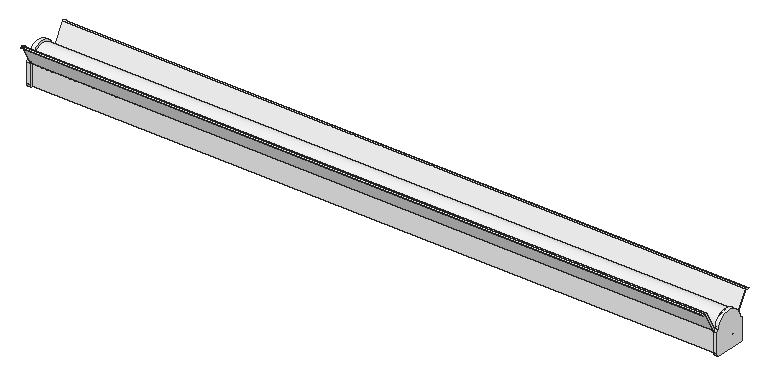
Revit family "0045215+0045235 Feilo Sylvania Lighting Fixture SYLBATTEN LED8 6000K DALI TP6 E3 with SYMMETRIC REFLECTOR ACCESSORY 1500MM", category Lighting Fixtures, host Face, Revit 2017
Family settings
  Host = Face
  Round Connector Dimension = Use Diameter
  Part Type = Normal
  OmniClass Number = 23.80.70.00
  OmniClass Title = Lighting
  Cut with Voids When Loaded = No
  Light Source = Yes
  Shared = No
  Room Calculation Point = No
Parameters (values of type "0045215 SYLBATTEN LED8 6000K DALI TP6 E3")
  Width_FEILO = 66 mm
  Weight = "3.852 kg"
  Wattage Comments = "n/a"
  Wattage = 82 W
  WarrantyStartDate [instance] = "n/a"
  WarrantyGuarantorParts = "n/a"
  WarrantyDurationUnit = "n/a"
  WarrantyDurationParts = "n/a"
  WarrantyDescription = "n/a"
  built-in parameter 1150110 = 1 (stored number, unit not read)
  Voltage = 230 V
  URL = "http://www.sylvania-lighting.com"
  TypeName = "SYLBATTEN LED8 6000K DALI TP6 E3"
  Type Image = <None>
  Type Comments = "n/a"
  built-in parameter 1114217 = 1 (stored number, unit not read)
  Tilt Angle = -90.00°
  built-in parameter 1150109 = 1 (stored number, unit not read)
  built-in parameter 1150134 = 5
  SymReflector_FEILO = yes
  built-in parameter 1150113 = 1 (stored number, unit not read)
  SerialNumber [instance] = "n/a"
  PowerFactor = 0
  PowerConsumption = "82 W"
  Photometric Web File = "0045215+0045235.ies"
  NominalLength = 1505 mm
  NominalHeight = 76 mm
  NominalDepth = 66 mm
  Name = "SYLBATTEN LED8 6000K DALI TP6 E3"
  ModelReference = Name  # "SYLBATTEN LED8 6000K DALI TP6 E3"
  ModelNumber = "0045215"
  Model = Name  # "SYLBATTEN LED8 6000K DALI TP6 E3"
  Material_4_FEILO = Reflector-Sylvania-Sylbatten-White
  Material_3_FEILO = Diffuser-Sylvania-Sylbatten-Glow
  Material_2_FEILO = Body-Sylvania-Sylbatten-White
  Material_1_FEILO = Body-Sylvania-Sylbatten-White
  Material = "sheet steel housing, polycarbonate diffuser"
  ManufacturerName = "Feilo Sylvania"
  Manufacturer = "Feilo Sylvania"
  LuminousEfficacy = "106.3 lm/W"
  built-in parameter 1150105 = 694.23 (stored number, unit not read)
  Lumens = 8723.98 lm
  LuminaireType = ""
  built-in parameter 1150115 = 1 (stored number, unit not read)
  LightOutputRatio = "100"
  built-in parameter 1150137 = (empty or 0)
  built-in parameter 1150139 = (empty or 0)
  Length_FEILO = 1505 mm
  LampsType = Lamp  # "LED"
  LampNominalLuminous = "8724 lm"
  LampMacAdamStep = "n/a"
  LampColourTemperature = "6000 K"
  LampColourRenderingIndex = "80"
  built-in parameter 1150112 = 1 (stored number, unit not read)
  built-in parameter 1150114 = 1 (stored number, unit not read)
  Lamp = "LED"
  Keynote = "16500"
  InstallationDate [instance] = "n/a"
  InputVoltage = "220-240V~"
  InputNominalFrequency = "n/a"
  built-in parameter 1150132 = (empty or 0)
  built-in parameter 1150102 = (empty or 0)
  built-in parameter 1150107 = 6000 (stored number, unit not read)
  built-in parameter 1150138 = (empty or 0)
  IngressProtection = "IP20"
  ImpactProtectionIndex = "IK07"
  built-in parameter 1150106 = 6.9423 (stored number, unit not read)
  IfcExportType = "IfcLightFixtureType"
  IfcExportAs = "IfcLightFixtureType"
  Height_FEILO = 76 mm
  ExpectedLife = 50000
  Emit from Rectangle Width = Length_FEILO - 16 mm  # 1489 mm
  Emit from Rectangle Length = Width_FEILO - 40 mm  # 26 mm
  Emit Shape Visible in Rendering = no
  ElectricShockClassification = "Class I"
  built-in parameter 1150104 = 9.884 (stored number, unit not read)
  DurationUnit = "hours"
  DocumentationLiterature = "http://www.sylvania-lighting.com/product/en-int/products/0045215"
  DimmingControlOptions = "Dimmable"
  Dimming Lamp Color Temperature Shift = <None>
  Description = "LED batten, T8 replacement, ease of installation through 2 part push-in design of the housing (safety cable included), through wiring capability (TP6 = 6 core), sheet steel, 8724LM, 79W, 110lm/W, 6000K, drive current: 450mA, CRI 80, 138° wide beam angle, DALI dimmable, integral 3 hour maintained emergency, IP20, IK07, 50,000 hrs (L70), (LxWxH) 1505x66x76mm, 5 step MacAdam ellipse, 3.7kg, white RAL 9016, Class 1, 220-240V, energy class: A++, A+, A."
  Default Elevation = 1219.2 mm
  CreatedOn = "2/22/2018"
  CreatedBy = ""
  Cost = 0
  Color Filter = 16777215
  built-in parameter 1114216 [instance] = (empty or 0)
  ClassificationValue = "EF_70_80"
  ClassificationName = "Uniclass2015"
  CapOffset_FEILO = 2 mm
  BarCode [instance] = "n/a"
  built-in parameter 1114218 = 1 (stored number, unit not read)
  BackReflector_FEILO = and(not(AsymReflector_FEILO), SymReflector_FEILO)  # yes
  built-in parameter 1150133 = 10 (stored number, unit not read)
  FrontReflector_FEILO = or(AsymReflector_FEILO, SymReflector_FEILO)  # yes
  AsymReflector_FEILO = no
  AssetType = "Fixed"
  AssetIdentifier [instance] = "n/a"
  Assembly Code = "D5020200"
  Apparent Load = 82 VA
Reference planes
  plane 1 "Center (Front/Back)": y = 0
  plane 2: z = 0
  plane 3 "Center (Left/Right)": x = 0
  plane 4: x = 752.5
  plane 5: x = -752.5
  plane 6: y = 33
  plane 7: y = -33
  plane 8: z = 76
  plane 9: z = 47
  plane 10: y = -29
  plane 11: y = 29
  plane 12: z = 20
  plane 13: z = 74
  plane 14: y = -31
  plane 15: y = -27
  plane 16: y = 27
  plane 17: y = 31
  plane 18: z = 2
  plane 19: x = -744.5
  plane 20: x = 744.5
  plane 21: z = 49
  plane 22: y = 1
  plane 23: y = -1
  plane 24: z = 21
  plane 25: z = 19
  plane 26: y = -61
  plane 27: y = 61
  plane 28: y = -56
  plane 29: y = 56
  plane 30: z = 91
  plane 31: z = 88
Forms (mm)
  Extrusion 1, solid, material "Body-Sylvania-Sylbatten-White" <- "Material_2_FEILO"
    sketch origin (0, 0, 0) x (0, 1, 0) y (0, 0, 1)
      loop
        line (-31, 2) -> (31, 2) -> (31, 45)
        arc (31, 45) -> (30.414, 46.414) -> (29, 47) r 2
        line (29, 47) -> (27, 47)
        arc (27, 47) -> (0, 74) -> (-27, 47) r 27
        line (-27, 47) -> (-29, 47)
        arc (-29, 47) -> (-30.414, 46.414) -> (-31, 45) r 2
        line (-31, 45) -> (-31, 2)
    from -744.5 to 744.5
  Extrusion 2, solid, material "Body-Sylvania-Sylbatten-White" <- "Material_2_FEILO"
    sketch origin (752.5, 1524, 1219.2) x (0, 1, 0) y (0, 0, 1)
      loop
        arc (-1494, -1219.2) -> (-1491.879, -1218.321) -> (-1491, -1216.2) r 3
        line (-1491, -1216.2) -> (-1491, -1173.2)
        arc (-1491, -1173.2) -> (-1491.879, -1171.079) -> (-1494, -1170.2) r 3
        line (-1494, -1170.2) -> (-1495.069, -1170.2)
        arc (-1495.069, -1170.2) -> (-1524, -1143.2) -> (-1552.931, -1170.2) r 29
        line (-1552.931, -1170.2) -> (-1554, -1170.2)
        arc (-1554, -1170.2) -> (-1556.121, -1171.079) -> (-1557, -1173.2) r 3
        line (-1557, -1173.2) -> (-1557, -1216.2)
        arc (-1557, -1216.2) -> (-1556.121, -1218.321) -> (-1554, -1219.2) r 3
        line (-1554, -1219.2) -> (-1494, -1219.2)
      loop
        arc (-1525, -1189.25) -> (-1531.071, -1192.129) -> (-1533.95, -1198.2) r 10
        line (-1533.95, -1198.2) -> (-1532.944, -1198.2)
        arc (-1532.944, -1198.2) -> (-1530.364, -1192.836) -> (-1525, -1190.256) r 9
        line (-1525, -1190.256) -> (-1525, -1189.25)
      loop
        arc (-1523, -1190.256) -> (-1517.636, -1192.836) -> (-1515.056, -1198.2) r 9
        line (-1515.056, -1198.2) -> (-1514.05, -1198.2)
        arc (-1514.05, -1198.2) -> (-1516.929, -1192.129) -> (-1523, -1189.25) r 10
        line (-1523, -1189.25) -> (-1523, -1190.256)
      loop
        line (-1532.944, -1200.2) -> (-1533.95, -1200.2)
        arc (-1533.95, -1200.2) -> (-1531.071, -1206.271) -> (-1525, -1209.15) r 10
        line (-1525, -1209.15) -> (-1525, -1208.144)
        arc (-1525, -1208.144) -> (-1530.364, -1205.564) -> (-1532.944, -1200.2) r 9
      loop
        arc (-1515.056, -1200.2) -> (-1517.636, -1205.564) -> (-1523, -1208.144) r 9
        line (-1523, -1208.144) -> (-1523, -1209.15)
        arc (-1523, -1209.15) -> (-1516.929, -1206.271) -> (-1514.05, -1200.2) r 10
        line (-1514.05, -1200.2) -> (-1515.056, -1200.2)
    from 0 to -8
  Extrusion 3, solid, material "Body-Sylvania-Sylbatten-White" <- "Material_2_FEILO"
    sketch origin (-752.5, 1524, 1219.2) x (0, 1, 0) y (0, 0, 1)
      loop
        arc (-1495.069, -1170.2) -> (-1524, -1143.2) -> (-1552.931, -1170.2) r 29
        line (-1552.931, -1170.2) -> (-1554, -1170.2)
        arc (-1554, -1170.2) -> (-1556.121, -1171.079) -> (-1557, -1173.2) r 3
        line (-1557, -1173.2) -> (-1557, -1216.2)
        arc (-1557, -1216.2) -> (-1556.121, -1218.321) -> (-1554, -1219.2) r 3
        line (-1554, -1219.2) -> (-1494, -1219.2)
        arc (-1494, -1219.2) -> (-1491.879, -1218.321) -> (-1491, -1216.2) r 3
        line (-1491, -1216.2) -> (-1491, -1173.2)
        arc (-1491, -1173.2) -> (-1491.879, -1171.079) -> (-1494, -1170.2) r 3
        line (-1494, -1170.2) -> (-1495.069, -1170.2)
      loop
        line (-1533.95, -1198.2) -> (-1532.944, -1198.2)
        arc (-1532.944, -1198.2) -> (-1530.364, -1192.836) -> (-1525, -1190.256) r 9
        line (-1525, -1190.256) -> (-1525, -1189.25)
        arc (-1525, -1189.25) -> (-1531.071, -1192.129) -> (-1533.95, -1198.2) r 10
      loop
        line (-1523, -1189.25) -> (-1523, -1190.256)
        arc (-1523, -1190.256) -> (-1517.636, -1192.836) -> (-1515.056, -1198.2) r 9
        line (-1515.056, -1198.2) -> (-1514.05, -1198.2)
        arc (-1514.05, -1198.2) -> (-1516.929, -1192.129) -> (-1523, -1189.25) r 10
      loop
        line (-1514.05, -1200.2) -> (-1515.056, -1200.2)
        arc (-1515.056, -1200.2) -> (-1517.636, -1205.564) -> (-1523, -1208.144) r 9
        line (-1523, -1208.144) -> (-1523, -1209.15)
        arc (-1523, -1209.15) -> (-1516.929, -1206.271) -> (-1514.05, -1200.2) r 10
      loop
        line (-1525, -1209.15) -> (-1525, -1208.144)
        arc (-1525, -1208.144) -> (-1530.364, -1205.564) -> (-1532.944, -1200.2) r 9
        line (-1532.944, -1200.2) -> (-1533.95, -1200.2)
        arc (-1533.95, -1200.2) -> (-1531.071, -1206.271) -> (-1525, -1209.15) r 10
    from 0 to 8
  Extrusion 4, solid, material "Reflector-Sylvania-Sylbatten-White" <- "Material_4_FEILO", visible <- "FrontReflector_FEILO"
    sketch origin (0, 0, 0) x (0, 1, 0) y (0, 0, 1)
      loop
        line (-61.257, 88.429) -> (-60.743, 87.571) -> (-56.621, 90.044)
        arc (-56.621, 90.044) -> (-56.237, 90.099) -> (-55.929, 89.863) r 0.5
        line (-55.929, 89.863) -> (-31.435, 46.753) -> (-30.565, 47.247) -> (-55.312, 90.802)
        arc (-55.312, 90.802) -> (-55.928, 91.275) -> (-56.696, 91.165) r 1
        line (-56.696, 91.165) -> (-61.257, 88.429)
    from -744.5 to 744.5
  Extrusion 5, solid, material "Reflector-Sylvania-Sylbatten-White" <- "Material_4_FEILO", visible <- "BackReflector_FEILO"
    sketch origin (0, 0, 0) x (0, 1, 0) y (0, 0, 1)
      loop
        line (30.565, 47.247) -> (31.435, 46.753) -> (55.932, 89.868)
        arc (55.932, 89.868) -> (56.245, 90.112) -> (56.638, 90.062) r 0.518
        line (56.638, 90.062) -> (61.033, 87.565) -> (61.527, 88.435) -> (56.682, 91.188)
        arc (56.682, 91.188) -> (55.922, 91.282) -> (55.318, 90.812) r 1
        line (55.318, 90.812) -> (30.565, 47.247)
    from -744.5 to 744.5
Lines and regions (mm)
  reference lines
    curve 1: line (0, -61, 88) -> (0, -56, 91)
    curve 2: line (0, -56, 91) -> (0, -31, 47)
    curve 3: line (0, 31, 47) -> (0, 56, 91)
    curve 4: line (0, 56, 91) -> (0, 61.28, 88)
Dimensions and locks
  equal spacing: plane 5, plane 3 "Center (Left/Right)", plane 4
  equal spacing: plane 7, plane 1 "Center (Front/Back)", plane 6
  "Width_FEILO": plane 7 to plane 6
  "Length_FEILO": plane 5 to plane 4
  "Height_FEILO": plane 8 to plane 2
  locked: plane 9 to plane 8 at 29
  equal spacing: plane 10, plane 1 "Center (Front/Back)", plane 11
  locked: plane 7 to plane 10 at 4
  locked: plane 12 to plane 2 at 20
  "CapOffset_FEILO": plane 13 to plane 8
  "CapOffset_FEILO": plane 7 to plane 14
  "CapOffset_FEILO": plane 10 to plane 15
  "CapOffset_FEILO": plane 17 to plane 6
  "CapOffset_FEILO": plane 16 to plane 11
  "CapOffset_FEILO": plane 18 to plane 2
  locked: plane 14 to Extrusion 1 sketch curve at 2
  locked: Extrusion 1 sketch curve to plane 9 at 2  (x2)
  locked: plane 16 to Extrusion 1 sketch curve at 2
  equal spacing: plane 19, plane 3 "Center (Left/Right)", plane 20
  locked: plane 5 to plane 19 at 8
  "CapOffset_FEILO": plane 9 to plane 21
  locked: Extrusion 2 sketch curve to plane 2 at 47
  locked: Extrusion 1 sketch curve to plane 2 at 47
  locked: Extrusion 2 sketch curve to plane 2 at 3  (x2)
  locked: plane 7 to Extrusion 2 sketch curve at 3  (x2)
  locked: Extrusion 2 sketch curve to plane 6 at 3  (x2)
  locked: Extrusion 2 sketch curve to plane 21 at 3  (x2)
  equal spacing: plane 23, plane 1 "Center (Front/Back)", plane 22
  equal spacing: plane 25, plane 12, plane 24
  plane 30 to plane 31 to plane 2 = 3 mm locked, 88 mm locked
  plane 28 to plane 29 = 112 mm
  plane 26 to plane 27 = 122 mm
  aligned and locked: plane 2 to host face
  aligned and locked: level to host face
  aligned and locked: plane 18 to Extrusion 1 sketch curve
  aligned and locked: plane 14 to Extrusion 1 sketch curve
  aligned and locked: Extrusion 1 sketch curve to plane 9  (x2)
  aligned and locked: Extrusion 1 sketch curve to plane 17
  aligned and locked: plane 15 to Extrusion 1 sketch curve
  aligned and locked: plane 16 to Extrusion 1 sketch curve
  aligned and locked: plane 9 to Extrusion 1 sketch curve
  aligned and locked: plane 20 to Extrusion 1
  aligned and locked: level to Extrusion 2 sketch curve
  aligned and locked: Extrusion 2 sketch curve to plane 7
  aligned and locked: plane 21 to Extrusion 2 sketch curve
  aligned and locked: Extrusion 2 sketch curve to plane 21
  aligned and locked: plane 1 "Center (Front/Back)" to Extrusion 2 sketch curve  (x3)
  aligned and locked: Extrusion 2 to Extrusion 1
  aligned and locked: plane 4 to Extrusion 2
  aligned and locked: plane 12 to Extrusion 2 sketch curve  (x2)
  aligned and locked: Extrusion 2 sketch curve to plane 22
  aligned and locked: Extrusion 2 sketch curve to plane 23
  aligned and locked: Extrusion 2 sketch curve to plane 24
  aligned and locked: Extrusion 2 sketch curve to plane 25
  aligned and locked: plane 25 to Extrusion 2 sketch curve
  aligned and locked: plane 22 to Extrusion 2 sketch curve
  aligned and locked: plane 24 to Extrusion 2 sketch curve
  aligned and locked: plane 23 to Extrusion 2 sketch curve  (x2)
  aligned and locked: Extrusion 3 sketch curve to Extrusion 2  (x22)
  aligned and locked: Extrusion 3 to Extrusion 1
  aligned and locked: Extrusion 3 to plane 5
  aligned and locked: plane 19 to Extrusion 3
  aligned and locked: plane 31 to curve 1
  aligned and locked: plane 30 to curve 1
  aligned and locked: plane 14 to curve 2
  aligned and locked: plane 9 to curve 2
  aligned and locked: plane 17 to curve 3
  aligned and locked: plane 30 to curve 3
  aligned and locked: plane 31 to curve 4
  aligned and locked: Extrusion 4 sketch curve to curve 2
  aligned and locked: Extrusion 4 sketch curve to curve 1
  aligned and locked: Extrusion 4 to Extrusion 1
  aligned and locked: Extrusion 1 to Extrusion 4
  aligned and locked: imposter light to plane 1 "Center (Front/Back)"
  aligned and locked: imposter light to plane 3 "Center (Left/Right)"
  aligned and locked: imposter light to plane 13
  aligned and locked: Extrusion 5 sketch curve to curve 4
  aligned and locked: Extrusion 5 sketch curve to curve 3
  aligned and locked: Extrusion 1 to Extrusion 5
  aligned and locked: Extrusion 5 to Extrusion 1
Automatic sketch dimensions
  host sketch curve to host sketch curve = 2438.4 mm  (x2)
  Extrusion 2 sketch curve to Extrusion 2 sketch curve = 0 mm  (x14)
  Extrusion 2 sketch curve to plane 10 = 0.069 mm
  plane 23 to Extrusion 2 sketch curve = 8.95 mm
  Extrusion 2 sketch curve to Extrusion 2 sketch curve = 1.006 mm  (x4)
  Extrusion 2 sketch curve to plane 22 = 7.944 mm
  curve 1 to plane 26 = 0 mm
  curve 2 to plane 28 = 0 mm
  curve 4 to plane 29 = 0 mm
  plane 9 to curve 3 = 0 mm
  plane 26 to Extrusion 4 sketch curve = 0.257 mm
  Extrusion 4 sketch curve to plane 26 = 0.257 mm
  Extrusion 4 sketch curve to plane 30 = 0.165 mm
  plane 28 to Extrusion 4 sketch curve = 0.696 mm
  plane 28 to Extrusion 4 sketch curve = 0.621 mm
  plane 28 to Extrusion 4 sketch curve = 0.364 mm
  plane 28 to Extrusion 4 sketch curve = 0.182 mm
  Extrusion 4 sketch curve to plane 28 = 0.071 mm
  plane 30 to Extrusion 4 sketch curve = 0.198 mm
  Extrusion 4 sketch curve to plane 28 = 0.688 mm
  plane 9 to Extrusion 4 sketch curve = 0.247 mm
  plane 1 "Center (Front/Back)" to Extrusion 4 sketch curve = 31.435 mm
  Extrusion 5 sketch curve to plane 9 = 0.247 mm
  Extrusion 5 sketch curve to plane 1 "Center (Front/Back)" = 30.565 mm
  plane 9 to Extrusion 5 sketch curve = 0.247 mm
  plane 30 to Extrusion 5 sketch curve = 0.188 mm
  plane 29 to Extrusion 5 sketch curve = 0.068 mm
  Extrusion 5 sketch curve to plane 29 = 0.188 mm
  Extrusion 5 sketch curve to plane 29 = 0.382 mm
  Extrusion 5 sketch curve to Extrusion 5 sketch curve = 0.256 mm
  Extrusion 5 sketch curve to plane 30 = 0.188 mm
  Extrusion 5 sketch curve to plane 29 = 0.682 mm
  Extrusion 5 sketch curve to plane 27 = 0.033 mm
  Extrusion 5 sketch curve to plane 27 = 0.527 mm
Connectors
  electrical at (0, 0, 0), driven by "Apparent Load", driven by "PowerFactor", driven by "Voltage"
    settings: index 1, voltage 230 V, apparent load 82 VA, apparent load phase1 0 VA, apparent load phase2 0 VA, apparent load phase3 0 VA, power factor 0, load classification "Lighting", number of poles 1, system type 30, power factor state 1, is connector primary yes, connector utility no, sub classification motor no, connector description ""
